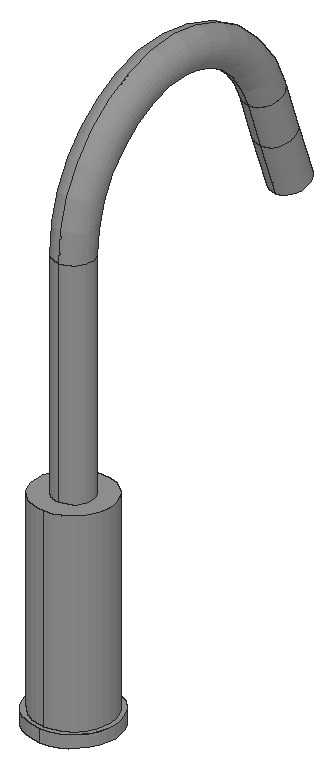
Revit family "HJ2012001", category Plumbing Fixtures, Revit 2016
Family settings
  Part Type = Normal
  Round Connector Dimension = Use Diameter
  OmniClass Number = 23.45.00.00
  OmniClass Title = Sanitary, Laundry, and Cleaning Equipment
  Work Plane-Based = No
  Always vertical = Yes
  Cut with Voids When Loaded = No
  Shared = No
  Room Calculation Point = No
Parameters (values of type "180 x 230")
  Waste Connection = no
  Vent Connection = no
  URL = "www.grupochc.cl"
  Type Image = HJ2012001.jpg
  Model = "HJ2012001"
  Material = Stainless Steel, Polished
  Manufacturer = "CHC"
  Height = 800.0 mm
  HW Connection = no
  Description = ""
  CW Connection = yes
  Assembly Code = "D2010"
Reference planes
  plane 1 "Center (Front/Back)": y = 0
  plane 2: z = 0
  plane 3 "Center (Left/Right)": x = 0
  plane 4: z = 800
Forms (mm)
  Extrusion 1, solid, material "Stainless Steel, Polished" <- "Material"
    sketch origin (4267.2, 17.744, 800) x (1, 0, 0) y (0, -1, 0)
      loop
        circle (-4267.2, 24.044) r 6.3
    from -5.429 to 0
  Extrusion 2, solid, material "Stainless Steel, Polished" <- "Material"
    sketch origin (4267.2, 42.735, 800) x (0, 1, 0) y (-1, 0, 0)
      loop
        circle (-42.735, 4267.2) r 27.2
    from 0 to 8
  Extrusion 3, solid, material "Stainless Steel, Polished" <- "Material"
    sketch origin (4267.2, 42.735, 800) x (0, 1, 0) y (-1, 0, 0)
      loop
        circle (-42.735, 4267.2) r 24
    from 8 to 133
  Sweep 4, solid, material "Stainless Steel, Polished" <- "Material"
    path origin (0, 0, 0) x (0, 1, 0) y (0, 0, 1)
      loop
        line (-0.049, 932.189) -> (-0.049, 1071.6)
        arc (-0.049, 1071.6) -> (64.973, 1150.342) -> (153.377, 1099.226) r 79.033
        line (153.377, 1099.226) -> (163.276, 1071.61)
    profile origin (0, 64.973, 1150.342) x (0, -0.17721, 0.984173) y (1, 0, 0)
      loop
        circle (0, 0) r 12
  Sweep 5, solid, material "Stainless Steel, Polished" <- "Material"
    path origin (0, 0, 0) x (0, 1, 0) y (0, 0, 1)
      loop
        line (174.975, 1038.968) -> (163.276, 1071.61)
    profile origin (0, 169.125, 1055.289) x (0, -0.941359, -0.337406) y (1, 0, 0)
      loop
        circle (0, 0) r 12
Cuts and joins
  joined: Extrusion 1, Extrusion 2, Extrusion 3, Sweep 4
Dimensions and locks
  "Height": level to plane 4
  aligned and locked: level to plane 2
  aligned and locked: Extrusion 3 to Extrusion 2
Automatic sketch dimensions
  Extrusion 1 sketch curve to plane 3 "Center (Left/Right)" = 0.0 mm
  plane 1 "Center (Front/Back)" to Extrusion 1 sketch curve = 6.3 mm
  plane 1 "Center (Front/Back)" to Extrusion 2 sketch curve = 0.0 mm
  Extrusion 2 sketch curve to plane 3 "Center (Left/Right)" = 0.0 mm
  plane 1 "Center (Front/Back)" to Extrusion 3 sketch curve = 0.0 mm
  Extrusion 3 sketch curve to plane 3 "Center (Left/Right)" = 0.0 mm
  Sweep 4 sketch curve to plane 3 "Center (Left/Right)" = 0.0 mm
  Sweep 4 sketch curve to profile plane = 0.0 mm
  Sweep 5 sketch curve to plane 3 "Center (Left/Right)" = 0.0 mm
  Sweep 5 sketch curve to profile plane = 0.0 mm
  Sweep 5 sketch curve to Sweep 5 sketch curve = 11.7 mm
  Sweep 5 sketch curve to Sweep 5 sketch curve = 32.642 mm
  Sweep 5 sketch curve to plane 1 "Center (Front/Back)" = 163.276 mm
  Sweep 5 sketch curve to plane 4 = 238.968 mm
  plane 1 "Center (Front/Back)" to Sweep 4 sketch curve = 0.049 mm
  Sweep 4 sketch curve to plane 1 "Center (Front/Back)" = 78.979 mm
  Sweep 4 sketch curve to Sweep 4 sketch curve = 74.399 mm
  Sweep 4 sketch curve to plane 4 = 271.6 mm
  Sweep 4 sketch curve to Sweep 4 sketch curve = 0.96 mm
  Sweep 4 sketch curve to Sweep 4 sketch curve = 9.898 mm
  Sweep 4 sketch curve to plane 4 = 132.189 mm
  Sweep 4 sketch curve to Sweep 4 sketch curve = 27.616 mm
  radius of Extrusion 1 sketch curve = 6.3 mm
  radius of Extrusion 2 sketch curve = 27.2 mm
  radius of Extrusion 3 sketch curve = 24.0 mm
  radius of Sweep 4 sketch curve = 12.0 mm
  radius of Sweep 5 sketch curve = 12.0 mm
Connectors
  piping at (0, -6.3, 800), diameter 12.3, driven by "CW Connection"
    settings: on Extrusion 1, index 3, connector inside diameter 609.6 mm, connector length 0.0 mm, flow factor 0, pipe flow 0.0 L/s, pressure drop 0.0 Pa, fitting loss kfactor 0, connector angle 0.00°, fixture units 0, engagement length 0.0 mm, angle of deflection 0.00°, flow configuration 0, flow direction 1, fitting loss method 0, system type 20, joint type 0, gender type 0, connector reference index -1, connector utility 1, adjustable connector no, is connector primary yes, connector description ""
